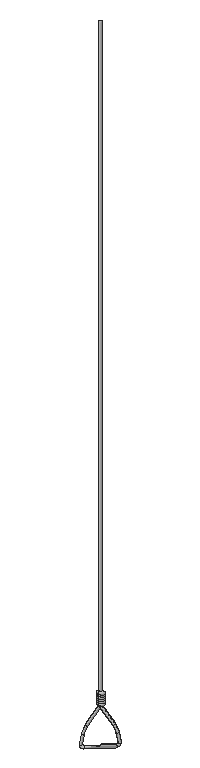
Revit family "Wire-HunterDouglas-TechStyle_E-Lay-In", category Specialty Equipment, Revit 2013
Parameters (values of type "Parametric")
  ecoScorecard_data = "http://products.ecoscorecard.com/hunterdouglascontract/TechE"
  ecoScorecard Product Page = "http://products.ecoscorecard.com/hunterdouglascontract/TechE?action=html"
  Wire Visibility = yes
  Wire Hanger = Metal - Aluminum Frame - HunterDouglas - Painted White
  Weight Per Piece Area = 0.0003 ksf
  Warranty URL = "http://www.hunterdouglascontract.com/ceilings/acousticalsolutions/techstyleE/index.jsp#"
  VOC Data URL = "http://assets.hunterdouglascontract.com/documents/ceilings/metalsystems/Metal1_-_Greenguard_Gold_Certificate.pdf?modDate=1386600944000"
  URL = "http://www.hunterdouglasceilings.com"
  Technical Information = "http://assets.hunterdouglascontract.com/documents/ceilings/acousticalsolutions/TS_E_Layin.doc?modDate=1258564894000"
  Submittal URL = "http://assets.hunterdouglascontract.com/documents/ceilings/acousticalsolutions/TechstyleE-SubmittalSheet-final.pdf?modDate=1252612762000"
  Subcategory = "Techstyle E"  # constant formula
  Specifications URL = "http://assets.hunterdouglascontract.com/documents/ceilings/acousticalsolutions/TS_E_Layin.doc?modDate=1258564894000"
  Smoke Developed Index = "≤ 10"
  Seismic Info URL = "http://assets.hunterdouglascontract.com/documents/Cadfiles/cad/1/1.24.dwg"
  Recycled Content Percentage = "7%"
  Recyclable = yes
  Product Page URL = "http://www.hunterdouglascontract.com/ceilings/acousticalsolutions/techstyleE/index.jsp"
  Product Line = "Techstyle Ceilings"  # constant formula
  Perforations = "http://www.hunterdouglascontract.com/ceilings/acousticalsolutions/techstyleE/index.jsp"
  Perforation Pattern Info URL = "http://www.hunterdouglascontract.com/ceilings/acousticalsolutions/techstyleE/index.jsp"
  Mold Resistant Note = "Resistant to 95% humidity in 104°F temperature"
  Model = "Techstyle E"  # constant formula
  Material = Metal - Aluminum Frame - HunterDouglas - Painted White
  Manufacturer Phone = ""
  Manufacturer Fax = ""
  Manufacturer Email = "mailto:ceilings@hunterdouglas.com"
  Manufacturer Address = "1 Hunter Douglas Circle, Thornton CO 80241"  # constant formula
  Manufacturer = "Hunter Douglas Luxalon Metal Ceilings"  # constant formula
  Light Reflectance Average = 0.81
  Installation URL = "http://assets.hunterdouglascontract.com/documents/ceilings/acousticalsolutions/classic/Installation_Instruct_2008.pdf?modDate=1240872428000"
  Humidity and Sag Resistant = yes
  High Durability = yes
  HangerWire Length = 2' - 0"
  HPD URL = "In Process"
  GREENGUARD URL = "http://assets.hunterdouglascontract.com/documents/ceilings/metalsystems/Metal1_-_Greenguard_Gold_Certificate.pdf?modDate=1386600944000"
  GREENGUARD Certified = yes
  Flame Spread Index = "≤ 10"
  Fire Rating = "Class A (1) (ASTM E 84) (ASTM 1264)"
  EPD URL = "In Process"
  Different Colors Available = no
  Description = "Acoustical Ceiling Panels"  # constant formula
  Cost Info = "mailto:ceilings@hunterdouglas.com"
  Copyright © = "© Hunter Douglas Inc., All rights reserved."  # constant formula
  Component Type = "Kit-of-Parts"  # constant formula
  Colors Finishes URL = "http://www.hunterdouglascontract.com/ceilings/acousticalsolutions/techstyleE/index.jsp"
  Color Finishes = "http://www.hunterdouglascontract.com/ceilings/acousticalsolutions/techstyleE/index.jsp"
  CAD PDF URL = "http://www.hunterdouglascontract.com/ceilings/acousticalsolutions/techstyleE/index.jsp"
  Brochure URL = "http://assets.hunterdouglascontract.com/documents/ceilings/acousticalsolutions/TechstyleBrochure-final.pdf?modDate=1429626872000"
  Assembly Code = "C3030210"
  Additional Resources Note = "Product details, finishes, construction details, and more can be accessed on the Product Page URL."
  Acoustics NRC = "0.85 (ASTM C 423)"
  Acoustics CAC = "17 w/no backer, (ASTM E 1414)"
  95 CSI = "09510"  # constant formula
  04 CSI = "09 51 00"  # constant formula
Reference planes (in)
  plane 1 "Center (Front/Back)": y = 0
  plane 2: z = 0
  plane 3 "Center (Left/Right)": x = 0
  plane 4: x = -0.77248
  plane 5: x = 0.77248
  plane 6: z = 2.4375
  plane 7: z = 2.5
  plane 8: z = 24
  plane 9: z = 24.21875
Forms (in)
  Sweep 1, solid, material "Metal - Aluminum Frame - HunterDouglas - Painted White" <- "Material", detail levels fine
    path origin (0, 0, 0) x (0.707107, 0.707107, 0) y (0, 0, 1)
      loop
        line (0.03125, 24.21875) -> (0.03125, 3.70793) -> (0.38236, 3.14135)
        arc (0.38236, 3.14135) -> (0.44435, 3.01623) -> (0.48166, 2.88166) r 0.73777
        line (0.48166, 2.88166) -> (0.5376, 2.56649)
        arc (0.5376, 2.56649) -> (0.51364, 2.47677) -> (0.42949, 2.4375) r 0.1098
        line (0.42949, 2.4375) -> (-0.42976, 2.4375)
        arc (-0.42976, 2.4375) -> (-0.51374, 2.47669) -> (-0.53765, 2.56622) r 0.10957
        line (-0.53765, 2.56622) -> (-0.48246, 2.87715)
        arc (-0.48246, 2.87715) -> (-0.44395, 3.01607) -> (-0.37995, 3.14524) r 0.76163
        line (-0.37995, 3.14524) -> (-0.0384, 3.69638)
    profile origin (-0.0001, -0.0001, 2.4375) x (0, 0, -1) y (0.707107, -0.707107, 0)
      loop
        circle (-0.03125, 0) r 0.03125
  Revolve 2, solid, material "Metal - Aluminum Frame - HunterDouglas - Painted White" <- "Material", detail levels fine
    sketch origin (0.00705, -1.10535, 0.17393) x (0, 0.947216, -0.320596) y (0, 0.320596, 0.947216)
      loop
        line (-0.19925, 4.08974) -> (-0.26999, 4.08974)
        arc (-0.26999, 4.08974) -> (-0.30124, 4.05849) -> (-0.26999, 4.02724) r 0.03125
        line (-0.26999, 4.02724) -> (-0.19925, 4.02724) -> (-0.19925, 4.08974)
      axis (-0.19925, 4.02724) -> (-0.19925, 4.08974)
    angle from 0 to 360
  Revolve 3, solid, material "Metal - Aluminum Frame - HunterDouglas - Painted White" <- "Material", detail levels fine
    sketch origin (0.00705, -1.10535, 0.04197) x (0, 0.947216, -0.320596) y (0, 0.320596, 0.947216)
      loop
        line (-0.19925, 4.08974) -> (-0.26999, 4.08974)
        arc (-0.26999, 4.08974) -> (-0.30124, 4.05849) -> (-0.26999, 4.02724) r 0.03125
        line (-0.26999, 4.02724) -> (-0.19925, 4.02724) -> (-0.19925, 4.08974)
      axis (-0.19925, 4.02724) -> (-0.19925, 4.08974)
    angle from 0 to 360
  Revolve 4, solid, material "Metal - Aluminum Frame - HunterDouglas - Painted White" <- "Material", detail levels fine
    sketch origin (0.00705, -1.10535, 0.10916) x (0, 0.947216, -0.320596) y (0, 0.320596, 0.947216)
      loop
        line (-0.19925, 4.08974) -> (-0.26999, 4.08974)
        arc (-0.26999, 4.08974) -> (-0.30124, 4.05849) -> (-0.26999, 4.02724) r 0.03125
        line (-0.26999, 4.02724) -> (-0.19925, 4.02724) -> (-0.19925, 4.08974)
      axis (-0.19925, 4.02724) -> (-0.19925, 4.08974)
    angle from 0 to 360
  Revolve 5, solid, material "Metal - Aluminum Frame - HunterDouglas - Painted White" <- "Material", detail levels fine
    sketch origin (0.00705, -1.10535, -0.02357) x (0, 0.947216, -0.320596) y (0, 0.320596, 0.947216)
      loop
        line (-0.19925, 4.08974) -> (-0.26999, 4.08974)
        arc (-0.26999, 4.08974) -> (-0.30124, 4.05849) -> (-0.26999, 4.02724) r 0.03125
        line (-0.26999, 4.02724) -> (-0.19925, 4.02724) -> (-0.19925, 4.08974)
      axis (-0.19925, 4.02724) -> (-0.19925, 4.08974)
    angle from 0 to 360
  Revolve 6, solid, material "Metal - Aluminum Frame - HunterDouglas - Painted White" <- "Material", detail levels fine
    sketch origin (0.00705, -1.10535, -0.08912) x (0, 0.947216, -0.320596) y (0, 0.320596, 0.947216)
      loop
        line (-0.19925, 4.08974) -> (-0.26999, 4.08974)
        arc (-0.26999, 4.08974) -> (-0.30124, 4.05849) -> (-0.26999, 4.02724) r 0.03125
        line (-0.26999, 4.02724) -> (-0.19925, 4.02724) -> (-0.19925, 4.08974)
      axis (-0.19925, 4.02724) -> (-0.19925, 4.08974)
    angle from 0 to 360
  Revolve 7, solid, material "Metal - Aluminum Frame - HunterDouglas - Painted White" <- "Material", detail levels fine
    sketch origin (0.00705, -1.10535, -0.15857) x (0, 0.947216, -0.320596) y (0, 0.320596, 0.947216)
      loop
        line (-0.19925, 4.08974) -> (-0.26999, 4.08974)
        arc (-0.26999, 4.08974) -> (-0.30124, 4.05849) -> (-0.26999, 4.02724) r 0.03125
        line (-0.26999, 4.02724) -> (-0.19925, 4.02724) -> (-0.19925, 4.08974)
      axis (-0.19925, 4.02724) -> (-0.19925, 4.08974)
    angle from 0 to 360
Lines and regions (in)
  model lines, style "Wire", detail levels coarse+medium
    curve 1: line (0, 0, 24) -> (0, 0, 2.5)
  symbolic lines, style "Wire", detail levels fine
    curve 2: line (-0.38204, -0.33784, 0) -> (-0.08282, -0.03863, 0)
    curve 3: line (0.38204, 0.33784, 0) -> (0.09664, 0.05243, 0)
    curve 4: arc (0.33784, 0.38204, 0) -> (0.38204, 0.38204, 0) -> (0.38204, 0.33784, 0) r 0.03125
    curve 5: arc (-0.38204, -0.33784, 0) -> (-0.38204, -0.38204, 0) -> (-0.33784, -0.38204, 0) r 0.03125
    curve 6: circle (0.00691, 0.00691, 0) r 0.10062 normal (0, 0, 1)
    curve 7: circle (0, 0, 0) r 0.03125 normal (0, 0, 1)
    curve 8: line (0.05244, 0.09663, 0) -> (0.33784, 0.38204, 0)
    curve 9: line (-0.03862, -0.08282, 0) -> (-0.33784, -0.38204, 0)
    curve 14: line (-0.03122, 0, 24.21875) -> (0.03122, 0, 24.21875)
    curve 15: line (0.03122, 0, 24.21875) -> (0.03122, 0, 4.1081)
    curve 16: line (-0.02999, 0, 3.69117) -> (-0.27048, 0, 3.16052)
    curve 17: line (-0.39791, 0, 2.57083) -> (-0.33782, 0, 2.89346)
    curve 18: arc (-0.33782, 0, 2.89346) -> (-0.3161, 0, 3.03) -> (-0.27048, 0, 3.16052) r 0.77561
    curve 19: arc (-0.39791, 0, 2.57083) -> (-0.37867, 0, 2.48393) -> (-0.30275, 0, 2.4375) r 0.11373
    curve 20: line (0.08629, 0, 3.61911) -> (-0.02999, 0, 3.69117)
    curve 21: spline (-0.03122, 0, 3.69014) -> (-0.02944, 0, 3.69066) -> (-0.02594, 0, 3.69166) -> (-0.02092, 0, 3.6931) -> (-0.01467, 0, 3.69489) -> (-0.00756, 0, 3.69692) -> (0, 0, 3.69907) -> (0.00755, 0, 3.70122) -> (0.01466, 0, 3.70324) -> (0.02091, 0, 3.70501) -> (0.02594, 0, 3.70643) -> (0.02944, 0, 3.70742) -> (0.03122, 0, 3.70792)
    curve 22: line (0.00884, 0, 3.62544) -> (-0.21356, 0, 3.13472)
    curve 23: arc (-0.2757, 0, 2.88565) -> (-0.25593, 0, 3.013) -> (-0.21356, 0, 3.13472) r 0.71311
    curve 24: line (-0.33647, 0, 2.55939) -> (-0.2757, 0, 2.88565)
    curve 25: arc (-0.33647, 0, 2.55939) -> (-0.3278, 0, 2.52024) -> (-0.2936, 0, 2.49933) r 0.05123
    curve 26: line (0.03122, 0, 24.21875) -> (-0.03122, 0, 24.21875)
    curve 27: line (-0.03122, 0, 24.21875) -> (-0.03122, 0, 4.1296)
    curve 28: line (-0.2936, 0, 2.49933) -> (0, 0, 2.49933)
    curve 29: line (0, 0, 2.4375) -> (-0.30275, 0, 2.4375)
    curve 30: line (-0.03122, 0, 3.73252) -> (-0.03122, 0, 3.68845)
    curve 31: line (0.03122, 0, 3.68845) -> (0.27048, 0, 3.16052)
    curve 32: line (0.39791, 0, 2.57083) -> (0.33782, 0, 2.89346)
    curve 33: arc (0.33782, 0, 2.89346) -> (0.3161, 0, 3.03) -> (0.27048, 0, 3.16052) r 0.77561
    curve 34: arc (0.39791, 0, 2.57083) -> (0.37867, 0, 2.48393) -> (0.30275, 0, 2.4375) r 0.11373
    curve 35: spline (0.03122, 0, 3.69014) -> (0.02944, 0, 3.69066) -> (0.02594, 0, 3.69166) -> (0.02092, 0, 3.6931) -> (0.01467, 0, 3.69489) -> (0.00756, 0, 3.69692) -> (0, 0, 3.69907) -> (-0.00755, 0, 3.70122) -> (-0.01466, 0, 3.70324) -> (-0.02091, 0, 3.70501) -> (-0.02594, 0, 3.70643) -> (-0.02944, 0, 3.70742) -> (-0.03122, 0, 3.70792)
    curve 36: line (-0.00884, 0, 3.62544) -> (0.21356, 0, 3.13472)
    curve 37: arc (0.2757, 0, 2.88565) -> (0.25593, 0, 3.013) -> (0.21356, 0, 3.13472) r 0.71311
    curve 38: line (0.33647, 0, 2.55939) -> (0.2757, 0, 2.88565)
    curve 39: arc (0.33647, 0, 2.55939) -> (0.3278, 0, 2.52024) -> (0.2936, 0, 2.49933) r 0.05123
    curve 40: line (0.2936, 0, 2.49933) -> (0, 0, 2.49933)
    curve 41: line (0, 0, 2.4375) -> (0.30275, 0, 2.4375)
    curve 42: line (0.03122, 0, 3.73252) -> (0.03122, 0, 3.68845)
    curve 43: line (0, 0.03122, 3.68845) -> (0, 0.27048, 3.16052)
    curve 44: line (0, 0.39791, 2.57083) -> (0, 0.33782, 2.89346)
    curve 45: arc (0, 0.33782, 2.89346) -> (0, 0.3161, 3.03) -> (0, 0.27048, 3.16052) r 0.77561
    curve 46: arc (0, 0.39791, 2.57083) -> (0, 0.37867, 2.48393) -> (0, 0.30275, 2.4375) r 0.11373
    curve 47: line (0, -0.00884, 3.62544) -> (0, 0.21356, 3.13472)
    curve 48: arc (0, 0.2757, 2.88565) -> (0, 0.25593, 3.013) -> (0, 0.21356, 3.13472) r 0.71311
    curve 49: line (0, 0.33647, 2.55939) -> (0, 0.2757, 2.88565)
    curve 50: arc (0, 0.33647, 2.55939) -> (0, 0.3278, 2.52024) -> (0, 0.2936, 2.49933) r 0.05123
    curve 51: line (0, 0.2936, 2.49933) -> (0, 0, 2.49933)
    curve 52: line (0, 0, 2.4375) -> (0, 0.30275, 2.4375)
    curve 53: line (0, -0.03122, 3.68845) -> (0, -0.27048, 3.16052)
    curve 54: line (0, -0.39791, 2.57083) -> (0, -0.33782, 2.89346)
    curve 55: arc (0, -0.33782, 2.89346) -> (0, -0.3161, 3.03) -> (0, -0.27048, 3.16052) r 0.77561
    curve 56: arc (0, -0.39791, 2.57083) -> (0, -0.37867, 2.48393) -> (0, -0.30275, 2.4375) r 0.11373
    curve 57: line (0, 0.00884, 3.62544) -> (0, -0.21356, 3.13472)
    curve 58: arc (0, -0.2757, 2.88565) -> (0, -0.25593, 3.013) -> (0, -0.21356, 3.13472) r 0.71311
    curve 59: line (0, -0.33647, 2.55939) -> (0, -0.2757, 2.88565)
    curve 60: arc (0, -0.33647, 2.55939) -> (0, -0.3278, 2.52024) -> (0, -0.2936, 2.49933) r 0.05123
    curve 61: line (0, -0.2936, 2.49933) -> (0, 0, 2.49933)
    curve 62: line (0, 0, 2.4375) -> (0, -0.30275, 2.4375)
    curve 63: line (0, -0.03122, 3.73252) -> (0, -0.03122, 3.68845)
    curve 64: line (0, -0.04684, 4.13498) -> (0, 0.08788, 4.08859)
    curve 65: line (0, -0.07537, 4.07858) -> (0, 0.06749, 4.02939)
    curve 66: arc (0, 0.08788, 4.08859) -> (0, 0.10729, 4.0488) -> (0, 0.06749, 4.02939) r 0.03131
    curve 67: arc (0, -0.04684, 4.13498) -> (0, -0.08569, 4.11922) -> (0, -0.07537, 4.07858) r 0.0319
    curve 68: arc (0, 0.08788, 4.02237) -> (0, 0.10784, 3.98437) -> (0, 0.0711, 3.96216) r 0.03131
    curve 69: arc (0, -0.04684, 4.06876) -> (0, -0.08551, 4.05335) -> (0, -0.07602, 4.01282) r 0.0319
    curve 70: line (0, -0.07602, 4.01282) -> (0, 0.0711, 3.96216)
    curve 71: arc (0, 0.08788, 3.95615) -> (0, 0.10784, 3.91815) -> (0, 0.0711, 3.89594) r 0.03131
    curve 72: arc (0, -0.04684, 4.00254) -> (0, -0.08551, 3.98713) -> (0, -0.07602, 3.9466) r 0.0319
    curve 73: line (0, -0.07602, 3.9466) -> (0, 0.0711, 3.89594)
    curve 74: arc (0, 0.08788, 3.88993) -> (0, 0.10784, 3.85193) -> (0, 0.0711, 3.82972) r 0.03131
    curve 75: arc (0, -0.04684, 3.93632) -> (0, -0.08551, 3.92091) -> (0, -0.07602, 3.88038) r 0.0319
    curve 76: line (0, -0.07602, 3.88038) -> (0, 0.0711, 3.82972)
    curve 77: arc (0, 0.08788, 3.82371) -> (0, 0.10784, 3.78571) -> (0, 0.0711, 3.7635) r 0.03131
    curve 78: arc (0, -0.04684, 3.8701) -> (0, -0.08551, 3.85469) -> (0, -0.07602, 3.81416) r 0.0319
    curve 79: line (0, -0.07602, 3.81416) -> (0, 0.0711, 3.7635)
    curve 80: arc (0, 0.08788, 3.75749) -> (0, 0.10784, 3.71949) -> (0, 0.0711, 3.69728) r 0.03131
    curve 81: arc (0, -0.04684, 3.80388) -> (0, -0.08551, 3.78847) -> (0, -0.07602, 3.74794) r 0.0319
    curve 82: line (0, -0.07602, 3.74794) -> (0, 0.0711, 3.69728)
    curve 83: line (0, -0.03122, 3.73252) -> (0, -0.03122, 3.68845)
    curve 84: spline (0, 0.03122, 3.69014) -> (0, 0.02944, 3.69066) -> (0, 0.02594, 3.69166) -> (0, 0.02092, 3.6931) -> (0, 0.01467, 3.69489) -> (0, 0.00756, 3.69692) -> (0, 0, 3.69907) -> (0, -0.00755, 3.70122) -> (0, -0.01466, 3.70324) -> (0, -0.02091, 3.70501) -> (0, -0.02594, 3.70643) -> (0, -0.02944, 3.70742) -> (0, -0.03122, 3.70792)
    curve 85: line (0, 0.03122, 3.71102) -> (0, 0.03122, 3.68845)
  symbolic lines, style "Wire"
    curve 10: line (0, 0.03125, 24.21875) -> (0, -0.03125, 24.21875)
    curve 11: line (0, -0.03125, 24.21875) -> (0, -0.03125, 4.05165)
    curve 12: arc (0, 0.03125, 4.05165) -> (0, 0, 4.04216) -> (0, -0.03125, 4.05165) r 0.05621
    curve 13: line (0, 0.03125, 4.05165) -> (0, 0.03125, 24.21875)
    curve 86: arc (-0.07801, 0, 3.78381) -> (-0.09482, 0, 3.81838) -> (-0.07483, 0, 3.85122) r 0.04011
    curve 87: arc (-0.07459, 0, 3.85136) -> (-0.03526, 0, 3.86711) -> (0.00686, 0, 3.87167) r 0.15569
    curve 88: arc (0.09173, 0, 3.78381) -> (0.10854, 0, 3.81838) -> (0.08855, 0, 3.85122) r 0.04011
    curve 89: arc (0.0883, 0, 3.85136) -> (0.04898, 0, 3.86711) -> (0.00686, 0, 3.87167) r 0.15569
    curve 90: arc (-0.07483, 0, 3.85122) -> (-0.09482, 0, 3.88413) -> (-0.07788, 0, 3.91872) r 0.04011
    curve 91: arc (-0.07459, 0, 3.92081) -> (-0.03526, 0, 3.93656) -> (0.00686, 0, 3.94112) r 0.15569
    curve 92: arc (0.08855, 0, 3.85122) -> (0.10858, 0, 3.88609) -> (0.0883, 0, 3.92081) r 0.04011
    curve 93: arc (0.0883, 0, 3.92081) -> (0.04898, 0, 3.93656) -> (0.00686, 0, 3.94112) r 0.15569
    curve 94: arc (-0.07788, 0, 3.91872) -> (-0.09482, 0, 3.95344) -> (-0.07459, 0, 3.98635) r 0.04011
    curve 95: arc (-0.07459, 0, 3.98635) -> (-0.03526, 0, 4.0021) -> (0.00686, 0, 4.00666) r 0.15569
    curve 96: arc (0.0916, 0, 3.91872) -> (0.10853, 0, 3.95344) -> (0.0883, 0, 3.98635) r 0.04011
    curve 97: arc (0.0883, 0, 3.98635) -> (0.04898, 0, 4.0021) -> (0.00686, 0, 4.00666) r 0.15569
    curve 98: arc (-0.07788, 0, 3.98426) -> (-0.09486, 0, 4.01703) -> (-0.07788, 0, 4.0498) r 0.04011
    curve 99: arc (-0.07459, 0, 4.05189) -> (-0.03526, 0, 4.06764) -> (0.00686, 0, 4.0722) r 0.15569
    curve 100: arc (0.0916, 0, 3.98426) -> (0.10858, 0, 4.01703) -> (0.0916, 0, 4.0498) r 0.04011
    curve 101: arc (0.0883, 0, 4.05189) -> (0.04898, 0, 4.06764) -> (0.00686, 0, 4.0722) r 0.15569
    curve 102: arc (-0.07788, 0, 4.0498) -> (-0.09482, 0, 4.08452) -> (-0.07459, 0, 4.11744) r 0.04011
    curve 103: arc (-0.07459, 0, 4.11744) -> (-0.03526, 0, 4.13318) -> (0.00686, 0, 4.13774) r 0.15569
    curve 104: arc (0.0916, 0, 4.0498) -> (0.10853, 0, 4.08452) -> (0.0883, 0, 4.11744) r 0.04011
    curve 105: arc (0.0883, 0, 4.11744) -> (0.04898, 0, 4.13318) -> (0.00686, 0, 4.13774) r 0.15569
    curve 106: arc (-0.07788, 0, 3.71818) -> (-0.09482, 0, 3.75291) -> (-0.07459, 0, 3.78582) r 0.04011
    curve 107: arc (-0.07801, 0, 3.78381) -> (-0.03718, 0, 3.80107) -> (0.00686, 0, 3.80613) r 0.15569
    curve 108: arc (0.0916, 0, 3.71818) -> (0.10853, 0, 3.75291) -> (0.0883, 0, 3.78582) r 0.04011
    curve 109: arc (0.09173, 0, 3.78381) -> (0.0509, 0, 3.80107) -> (0.00686, 0, 3.80613) r 0.15569
    curve 110: arc (-0.07788, 0, 3.71818) -> (-0.05245, 0, 3.70483) -> (-0.02439, 0, 3.69871) r 0.10721
    curve 111: arc (0.0916, 0, 3.71818) -> (0.06617, 0, 3.70483) -> (0.03811, 0, 3.69871) r 0.10721
Dimensions and locks (in)
  equal spacing: plane 4, plane 3 "Center (Left/Right)", plane 5
  plane 4 to plane 5 = 0' - 1.54495"
  locked: plane 6 to plane 7 at 0.0625
  locked: plane 6 to level at 2.4375
  "HangerWire Length": plane 8 to level
  locked: plane 9 to plane 8 at 0.21875
  aligned and locked: level to plane 2
  aligned and locked: Sweep 1 sketch curve to plane 6
  aligned and locked: curve 1 to plane 3 "Center (Left/Right)"
  aligned and locked: plane 7 to curve 1
  aligned and locked: plane 8 to curve 1
  aligned and locked: plane 9 to curve 26
  aligned and locked: plane 9 to Sweep 1 sketch curve
  aligned and locked: curve 10 to plane 9
Automatic sketch dimensions
  curve 12 to plane 1 "Center (Front/Back)" = 0' - 0"
  plane 1 "Center (Front/Back)" to curve 11 = 0' - 0 1/32"
  curve 13 to plane 1 "Center (Front/Back)" = 0' - 0 1/32"
  curve 12 to curve 12 = 0' - 0.04672"
  curve 18 to curve 23 = 0' - 0"  (x2)
  curve 19 to curve 25 = 0' - 0"  (x2)
  curve 33 to curve 37 = 0' - 0"  (x2)
  curve 34 to curve 39 = 0' - 0"  (x2)
  curve 19 to plane 6 = 0' - 0"
  curve 41 to plane 3 "Center (Left/Right)" = 0' - 0"
  curve 40 to plane 3 "Center (Left/Right)" = 0' - 0"
  curve 35 to plane 3 "Center (Left/Right)" = 0' - 0"
  curve 36 to plane 3 "Center (Left/Right)" = 0' - 0.00884"
  curve 16 to plane 3 "Center (Left/Right)" = 0' - 0.02999"
  curve 14 to plane 3 "Center (Left/Right)" = 0' - 0.03122"
  curve 35 to curve 16 = 0' - 0.00123"
  curve 21 to curve 21 = 0' - 0.00021"
  curve 22 to plane 3 "Center (Left/Right)" = 0' - 0.21356"
  curve 18 to curve 23 = 0' - 0.05693"
  curve 23 to curve 22 = 0' - 0.06215"
  plane 7 to curve 19 = 0' - 0.05001"
  curve 19 to plane 3 "Center (Left/Right)" = 0' - 0.2861"
  curve 25 to plane 7 = 0' - 0.00067"
  curve 25 to curve 19 = 0' - 0.0075"
  curve 29 to curve 28 = 0' - 0.00915"
  curve 25 to curve 19 = 0' - 0.05037"
  curve 17 to curve 23 = 0' - 0.06212"
  plane 7 to curve 17 = 0' - 0.07083"
  curve 37 to curve 17 = 0' - 0.09814"
  plane 3 "Center (Left/Right)" to curve 21 = 0' - 0"
  plane 3 "Center (Left/Right)" to curve 22 = 0' - 0.00884"
  plane 3 "Center (Left/Right)" to curve 42 = 0' - 0.03122"
  plane 3 "Center (Left/Right)" to curve 14 = 0' - 0.03122"
  curve 35 to curve 31 = 0' - 0"
  curve 35 to curve 35 = 0' - 0.00021"
  curve 22 to curve 20 = 0' - 0.07745"
  plane 3 "Center (Left/Right)" to curve 37 = 0' - 0.21356"
  curve 36 to curve 31 = 0' - 0.05693"
  curve 37 to curve 38 = 0' - 0.06215"
  plane 7 to curve 39 = 0' - 0.05001"
  plane 3 "Center (Left/Right)" to curve 39 = 0' - 0.2861"
  curve 34 to curve 40 = 0' - 0.0075"
  curve 39 to curve 34 = 0' - 0.00915"
  curve 34 to curve 39 = 0' - 0.05037"
  curve 38 to curve 33 = 0' - 0.06212"
  curve 38 to curve 34 = 0' - 0.06144"
  curve 33 to curve 23 = 0' - 0.09814"
  curve 19 to curve 33 = 0' - 0 69/256"
  curve 34 to curve 18 = 0' - 0 69/256"
  curve 33 to curve 23 = 0' - 0.04529"
  curve 18 to curve 37 = 0' - 0.04529"
  curve 38 to curve 32 = 0' - 0 1/128"
  curve 23 to curve 18 = 0' - 0 1/128"
  curve 33 to curve 20 = 0' - 0.4586"
  curve 20 to curve 36 = 0' - 0.00633"
  curve 22 to curve 36 = 0' - 0"
  curve 36 to curve 30 = 0' - 0.06301"
  curve 42 to curve 16 = 0' - 0.00272"
  curve 31 to curve 35 = 0' - 0.00163"
  curve 30 to curve 21 = 0' - 0.00163"
  curve 35 to curve 35 = 0' - 0.00006"
  curve 21 to curve 21 = 0' - 0.00006"
  curve 35 to curve 30 = 0' - 0.0246"
  curve 21 to curve 42 = 0' - 0.0246"
  curve 42 to curve 15 = 0' - 0.37558"
  curve 15 to curve 27 = 0' - 0.0215"
  plane 1 "Center (Front/Back)" to curve 7 = 0' - 0"
  curve 7 to plane 3 "Center (Left/Right)" = 0' - 0"
  curve 9 to plane 3 "Center (Left/Right)" = 0' - 0.03862"
  plane 1 "Center (Front/Back)" to curve 2 = 0' - 0.03863"
  curve 2 to curve 9 = 0' - 0.0442"
  curve 5 to plane 3 "Center (Left/Right)" = 0' - 0.33784"
  curve 5 to curve 9 = 0' - 0.0221"
  curve 5 to curve 5 = 0' - 0.0221"
  plane 3 "Center (Left/Right)" to curve 6 = 0' - 0.00691"
  plane 3 "Center (Left/Right)" to curve 8 = 0' - 0.05244"
  curve 8 to curve 3 = 0' - 0.0442"
  plane 3 "Center (Left/Right)" to curve 4 = 0' - 0.33784"
  curve 4 to curve 4 = 0' - 0.0221"
  curve 4 to curve 3 = 0' - 0.0221"
  curve 9 to curve 2 = 0' - 0.0442"
  plane 1 "Center (Front/Back)" to curve 2 = 0' - 0.33784"
  curve 5 to curve 2 = 0' - 0.0221"
  curve 4 to plane 1 "Center (Front/Back)" = 0' - 0.33784"
  curve 3 to curve 4 = 0' - 0.0221"
  plane 7 to Sweep 1 sketch curve = 0' - 0.06622"
  plane 7 to Sweep 1 sketch curve = 0' - 0.37715"
  Sweep 1 sketch curve to Sweep 1 sketch curve = 0' - 0.05519"
  Sweep 1 sketch curve to Sweep 1 sketch curve = 0' - 0.10788"
  Sweep 1 sketch curve to Sweep 1 sketch curve = 0' - 0.10251"
  Sweep 1 sketch curve to Sweep 1 sketch curve = 0' - 0.2377"
  plane 7 to Sweep 1 sketch curve = 0' - 1.19638"
  Sweep 1 sketch curve to Sweep 1 sketch curve = 0' - 0.34154"
  Sweep 1 sketch curve to Sweep 1 sketch curve = 0' - 0.06965"
  plane 7 to Sweep 1 sketch curve = 0' - 0.24405"
  Sweep 1 sketch curve to Sweep 1 sketch curve = 0' - 0.51221"
  Sweep 1 sketch curve to Sweep 1 sketch curve = 0' - 0.1149"
  Sweep 1 sketch curve to Sweep 1 sketch curve = 0' - 0.16204"
  Sweep 1 sketch curve to Sweep 1 sketch curve = 0' - 0.21421"
  plane 7 to Sweep 1 sketch curve = 0' - 0.06649"
  Sweep 1 sketch curve to Sweep 1 sketch curve = 0' - 0.10811"
  plane 7 to Sweep 1 sketch curve = 0' - 0.25273"
  Sweep 1 sketch curve to Sweep 1 sketch curve = 0' - 0.13761"
  Sweep 1 sketch curve to Sweep 1 sketch curve = 0' - 0.01154"
  Sweep 1 sketch curve to profile plane = 0' - 0"
  profile plane to Sweep 1 sketch curve = 0' - 0 1/32"
  plane 1 "Center (Front/Back)" to Revolve 2 sketch curve = 0' - 0.06997"
  plane 7 to Revolve 2 sketch curve = 0' - 1.57516"
  Revolve 2 sketch curve to Revolve 2 sketch curve = 0' - 0.07074"
  Revolve 2 sketch curve to Revolve 2 sketch curve = 0' - 0"  (x2)
  Revolve 2 sketch curve to Revolve 2 sketch curve = 0' - 0 1/32"
  Revolve 2 sketch curve to Revolve 2 sketch curve = 0' - 0.02781"
  plane 1 "Center (Front/Back)" to Revolve 3 sketch curve = 0' - 0.06997"
  plane 7 to Revolve 3 sketch curve = 0' - 1.44319"
  Revolve 3 sketch curve to Revolve 3 sketch curve = 0' - 0.07074"
  Revolve 3 sketch curve to Revolve 3 sketch curve = 0' - 0"  (x2)
  Revolve 3 sketch curve to Revolve 3 sketch curve = 0' - 0 1/32"
  Revolve 3 sketch curve to Revolve 3 sketch curve = 0' - 0.02781"
  curve 45 to curve 48 = 0' - 0"  (x2)
  curve 46 to curve 50 = 0' - 0"  (x2)
  curve 55 to curve 58 = 0' - 0"  (x2)
  curve 56 to curve 60 = 0' - 0"  (x2)
  plane 6 to curve 46 = 0' - 0"
  curve 61 to plane 1 "Center (Front/Back)" = 0' - 0"
  curve 52 to plane 1 "Center (Front/Back)" = 0' - 0"
  curve 57 to plane 1 "Center (Front/Back)" = 0' - 0.00884"
  curve 85 to plane 1 "Center (Front/Back)" = 0' - 0.03122"
  curve 84 to curve 43 = 0' - 0"
  curve 84 to curve 84 = 0' - 0.00021"
  curve 65 to plane 1 "Center (Front/Back)" = 0' - 0.06749"
  curve 73 to plane 1 "Center (Front/Back)" = 0' - 0.0711"
  curve 68 to curve 71 = 0' - 0"
  curve 79 to curve 85 = 0' - 0.03988"
  curve 82 to curve 84 = 0' - 0.03967"
  curve 76 to curve 73 = 0' - 0"
  curve 74 to curve 74 = 0' - 0.00658"
  curve 68 to curve 68 = 0' - 0.00658"
  curve 77 to curve 79 = 0' - 0.00658"
  curve 80 to curve 80 = 0' - 0.00658"
  curve 71 to curve 73 = 0' - 0.00658"
  curve 66 to curve 66 = 0' - 0.01019"
  curve 80 to curve 79 = 0' - 0.01678"
  curve 77 to curve 76 = 0' - 0.01678"
  curve 64 to curve 66 = 0' - 0.01019"
  curve 71 to curve 70 = 0' - 0.01678"
  curve 68 to curve 66 = 0' - 0.02038"
  curve 74 to curve 73 = 0' - 0.01678"
  curve 48 to plane 1 "Center (Front/Back)" = 0' - 0.21356"
  curve 45 to curve 47 = 0' - 0.05693"
  curve 48 to curve 48 = 0' - 0.06215"
  plane 7 to curve 46 = 0' - 0.05001"
  curve 46 to plane 1 "Center (Front/Back)" = 0' - 0.2861"
  curve 50 to plane 7 = 0' - 0.00067"
  curve 50 to curve 46 = 0' - 0.0075"
  curve 52 to curve 50 = 0' - 0.00915"
  plane 7 to curve 49 = 0' - 0.05939"
  curve 44 to curve 48 = 0' - 0.06212"
  curve 46 to curve 49 = 0' - 0.06144"
  curve 55 to curve 45 = 0' - 0.09814"
  plane 1 "Center (Front/Back)" to curve 84 = 0' - 0"
  plane 1 "Center (Front/Back)" to curve 47 = 0' - 0.00884"
  plane 1 "Center (Front/Back)" to curve 83 = 0' - 0.03122"
  plane 1 "Center (Front/Back)" to curve 64 = 0' - 0.04684"
  plane 1 "Center (Front/Back)" to curve 69 = 0' - 0.04684"
  plane 1 "Center (Front/Back)" to curve 72 = 0' - 0.04684"
  plane 1 "Center (Front/Back)" to curve 81 = 0' - 0.04684"
  plane 1 "Center (Front/Back)" to curve 78 = 0' - 0.04684"
  plane 1 "Center (Front/Back)" to curve 75 = 0' - 0.04684"
  curve 72 to curve 72 = 0' - 0.01039"
  curve 67 to curve 67 = 0' - 0.01039"
  curve 81 to curve 81 = 0' - 0.01039"
  curve 69 to curve 69 = 0' - 0.01039"
  curve 78 to curve 78 = 0' - 0.01039"
  curve 75 to curve 75 = 0' - 0.01039"
  curve 69 to curve 67 = 0' - 0.02853"
  curve 75 to curve 73 = 0' - 0.02918"
  curve 72 to curve 69 = 0' - 0.02918"
  curve 81 to curve 81 = 0' - 0.01879"
  curve 78 to curve 75 = 0' - 0.02918"
  curve 81 to curve 79 = 0' - 0.02918"
  plane 1 "Center (Front/Back)" to curve 57 = 0' - 0.21356"
  curve 57 to curve 55 = 0' - 0.05693"
  curve 58 to curve 58 = 0' - 0.06215"
  plane 7 to curve 60 = 0' - 0.05001"
  plane 1 "Center (Front/Back)" to curve 60 = 0' - 0.2861"
  curve 56 to curve 60 = 0' - 0.0075"
  curve 60 to curve 62 = 0' - 0.00915"
  curve 56 to curve 60 = 0' - 0.05037"
  curve 58 to curve 55 = 0' - 0.06212"
  plane 7 to curve 54 = 0' - 0.07083"
  curve 54 to curve 45 = 0' - 0.09814"
  curve 56 to curve 45 = 0' - 0 69/256"
  curve 44 to curve 55 = 0' - 0 69/256"
  curve 45 to curve 59 = 0' - 0.04529"
  curve 55 to curve 49 = 0' - 0.04529"
  curve 58 to curve 54 = 0' - 0 1/128"
  curve 48 to curve 44 = 0' - 0 1/128"
  curve 57 to curve 47 = 0' - 0.49072"
  curve 57 to curve 47 = 0' - 0"
  curve 47 to curve 53 = 0' - 0.06301"
  curve 43 to curve 53 = 0' - 0"
  curve 43 to curve 84 = 0' - 0.00163"
  curve 84 to curve 84 = 0' - 0.00006"
  curve 84 to curve 80 = 0' - 0.00721"
  curve 84 to curve 85 = 0' - 0.02087"
  curve 80 to curve 80 = 0' - 0.03061"
  curve 80 to curve 79 = 0' - 0.00601"
  curve 81 to curve 81 = 0' - 0.02577"
  curve 79 to curve 77 = 0' - 0.03061"
  curve 81 to curve 79 = 0' - 0.01028"
  curve 77 to curve 74 = 0' - 0.00601"
  curve 78 to curve 78 = 0' - 0.02577"
  curve 74 to curve 74 = 0' - 0.03061"
  curve 78 to curve 75 = 0' - 0.01028"
  curve 74 to curve 73 = 0' - 0.00601"
  curve 75 to curve 75 = 0' - 0.02577"
  curve 73 to curve 71 = 0' - 0.03061"
  curve 75 to curve 72 = 0' - 0.01028"
  curve 71 to curve 68 = 0' - 0.00601"
  curve 72 to curve 72 = 0' - 0.02577"
  curve 68 to curve 68 = 0' - 0.03061"
  curve 72 to curve 69 = 0' - 0.01028"
  curve 68 to curve 66 = 0' - 0.00702"
  curve 70 to curve 69 = 0' - 0.02577"
  curve 66 to curve 66 = 0' - 0.0296"
  curve 65 to curve 67 = 0' - 0.02623"
  curve 86 to plane 3 "Center (Left/Right)" = 0' - 0.07801"
  curve 94 to plane 3 "Center (Left/Right)" = 0' - 0.07788"
  curve 98 to curve 94 = 0' - 0"
  curve 98 to curve 98 = 0' - 0"
  curve 107 to curve 110 = 0' - 0.00013"
  curve 86 to curve 90 = 0' - 0.00318"
  curve 102 to curve 99 = 0' - 0.0033"
  curve 98 to curve 95 = 0' - 0.0033"
  curve 90 to curve 87 = 0' - 0.00025"
  curve 86 to curve 106 = 0' - 0.00342"
  curve 94 to curve 91 = 0' - 0.0033"
  curve 94 to curve 95 = 0' - 0"
  curve 102 to curve 99 = 0' - 0"
  curve 103 to curve 102 = 0' - 0"
  curve 110 to curve 106 = 0' - 0.02313"
  curve 106 to curve 86 = 0' - 0.01984"
  curve 99 to curve 102 = 0' - 0.01984"
  curve 87 to curve 90 = 0' - 0.01984"
  curve 91 to curve 94 = 0' - 0.01984"
  curve 95 to curve 98 = 0' - 0.01984"
  curve 110 to plane 3 "Center (Left/Right)" = 0' - 0.02439"
  curve 110 to plane 3 "Center (Left/Right)" = 0' - 0.01579"
  plane 3 "Center (Left/Right)" to curve 107 = 0' - 0.00241"
  plane 3 "Center (Left/Right)" to curve 99 = 0' - 0.00241"
  plane 3 "Center (Left/Right)" to curve 91 = 0' - 0.00241"
  plane 3 "Center (Left/Right)" to curve 87 = 0' - 0.00241"
  plane 3 "Center (Left/Right)" to curve 103 = 0' - 0.00241"
  plane 3 "Center (Left/Right)" to curve 95 = 0' - 0.00241"
  plane 3 "Center (Left/Right)" to curve 103 = 0' - 0.00686"
  plane 3 "Center (Left/Right)" to curve 101 = 0' - 0.00686"
  plane 3 "Center (Left/Right)" to curve 97 = 0' - 0.00686"
  plane 3 "Center (Left/Right)" to curve 87 = 0' - 0.00686"
  plane 3 "Center (Left/Right)" to curve 109 = 0' - 0.00686"
  plane 3 "Center (Left/Right)" to curve 91 = 0' - 0.00686"
  curve 107 to curve 109 = 0' - 0.00891"
  curve 103 to curve 105 = 0' - 0.00891"
  curve 99 to curve 101 = 0' - 0.00891"
  curve 87 to curve 89 = 0' - 0.00891"
  curve 91 to curve 93 = 0' - 0.00891"
  curve 95 to curve 97 = 0' - 0.00891"
  curve 107 to curve 111 = 0' - 0.02264"
  curve 89 to curve 111 = 0' - 0.0268"
  curve 87 to curve 92 = 0' - 0.06161"
  curve 99 to curve 104 = 0' - 0.06161"
  curve 111 to curve 88 = 0' - 0.03896"
  curve 91 to curve 96 = 0' - 0.06161"
  curve 111 to curve 108 = 0' - 0.03036"
  curve 97 to curve 100 = 0' - 0.06161"
  curve 96 to curve 93 = 0' - 0.01984"
  curve 104 to curve 101 = 0' - 0.01984"
  curve 100 to curve 97 = 0' - 0.01984"
  curve 92 to curve 89 = 0' - 0.01984"
  curve 96 to curve 97 = 0' - 0"
  curve 104 to curve 104 = 0' - 0.01984"
  curve 105 to curve 104 = 0' - 0"
  curve 92 to curve 93 = 0' - 0"
  curve 88 to curve 108 = 0' - 0.01984"
  curve 89 to curve 88 = 0' - 0.00025"
  curve 108 to curve 111 = 0' - 0.02313"
  curve 92 to curve 96 = 0' - 0.0033"
  curve 101 to curve 100 = 0' - 0.0033"
  curve 96 to curve 100 = 0' - 0.0033"
  curve 108 to curve 109 = 0' - 0.00342"
  plane 7 to curve 107 = 0' - 1.1505"
  curve 109 to curve 107 = 0' - 0"
  curve 107 to curve 110 = 0' - 0.04821"
  curve 109 to curve 111 = 0' - 0.04821"
  curve 111 to curve 89 = 0' - 0.01733"
  curve 87 to curve 89 = 0' - 0"
  curve 111 to curve 108 = 0' - 0.01947"
  curve 110 to curve 110 = 0' - 0.01947"
  curve 111 to curve 108 = 0' - 0.03277"
  curve 110 to curve 106 = 0' - 0.03277"
  curve 109 to curve 108 = 0' - 0.00201"
  curve 93 to curve 107 = 0' - 0.02063"
  curve 91 to curve 93 = 0' - 0"
  curve 108 to curve 88 = 0' - 0.03068"
  curve 106 to curve 86 = 0' - 0.03068"
  curve 109 to curve 95 = 0' - 0.04491"
  curve 97 to curve 95 = 0' - 0"
  curve 90 to curve 87 = 0' - 0.00014"
  curve 87 to curve 90 = 0' - 0.03458"
  curve 101 to curve 91 = 0' - 0.02454"
  curve 99 to curve 101 = 0' - 0"
  curve 103 to curve 95 = 0' - 0.02454"
  curve 105 to curve 103 = 0' - 0"
  curve 100 to curve 96 = 0' - 0.00209"
  curve 98 to curve 95 = 0' - 0.00209"
  curve 97 to curve 100 = 0' - 0.03068"
  curve 100 to curve 101 = 0' - 0.00209"
  plane 1 "Center (Front/Back)" to Revolve 4 sketch curve = 0' - 0.06997"
  plane 7 to Revolve 4 sketch curve = 0' - 1.51039"
  Revolve 4 sketch curve to Revolve 4 sketch curve = 0' - 0.07074"
  Revolve 4 sketch curve to Revolve 4 sketch curve = 0' - 0"  (x2)
  Revolve 4 sketch curve to Revolve 4 sketch curve = 0' - 0 1/32"
  Revolve 4 sketch curve to Revolve 4 sketch curve = 0' - 0.02781"
  plane 1 "Center (Front/Back)" to Revolve 5 sketch curve = 0' - 0.06997"
  plane 7 to Revolve 5 sketch curve = 0' - 1.37765"
  Revolve 5 sketch curve to Revolve 5 sketch curve = 0' - 0.07074"
  Revolve 5 sketch curve to Revolve 5 sketch curve = 0' - 0"  (x2)
  Revolve 5 sketch curve to Revolve 5 sketch curve = 0' - 0 1/32"
  Revolve 5 sketch curve to Revolve 5 sketch curve = 0' - 0.02781"
  plane 1 "Center (Front/Back)" to Revolve 6 sketch curve = 0' - 0.06997"
  plane 7 to Revolve 6 sketch curve = 0' - 1.31211"
  Revolve 6 sketch curve to Revolve 6 sketch curve = 0' - 0.07074"
  Revolve 6 sketch curve to Revolve 6 sketch curve = 0' - 0"  (x2)
  Revolve 6 sketch curve to Revolve 6 sketch curve = 0' - 0 1/32"
  Revolve 6 sketch curve to Revolve 6 sketch curve = 0' - 0.02781"
  plane 1 "Center (Front/Back)" to Revolve 7 sketch curve = 0' - 0.06997"
  plane 7 to Revolve 7 sketch curve = 0' - 1.24266"
  Revolve 7 sketch curve to Revolve 7 sketch curve = 0' - 0.07074"
  Revolve 7 sketch curve to Revolve 7 sketch curve = 0' - 0"  (x2)
  Revolve 7 sketch curve to Revolve 7 sketch curve = 0' - 0 1/32"
  Revolve 7 sketch curve to Revolve 7 sketch curve = 0' - 0.02781"
  plane 7 to curve 12 = 0' - 1.59837"
  radius of curve 7 = 0' - 0 1/32"
  radius of Sweep 1 sketch curve = 0' - 0 1/32"
